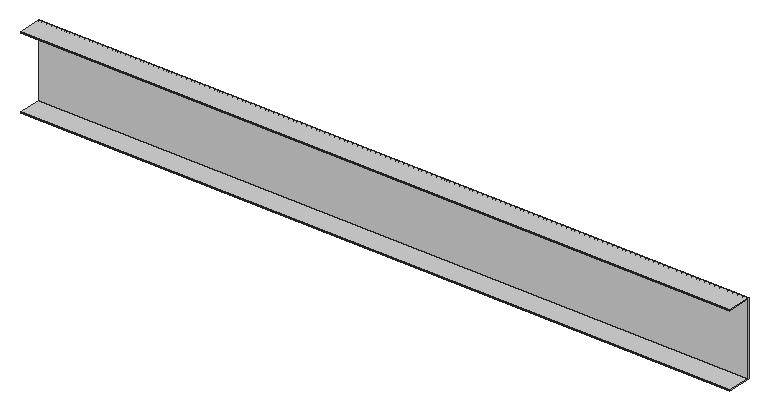
Revit family "BIMSF-SSMA-T-STRUCTURAL", category Structural Framing, Revit 2024
Family settings
  Section Shape = C Profile
  Material for Model Behavior = Steel
  Always export as geometry = No
  Always vertical = Yes
  Cut with Voids When Loaded = No
  Symbolic Representation = From Project Settings
  Shared = No
  Show family pre-cut in plan views = Yes
Parameters (values of type "Default")
  tf1 = 0' - 0"
  tf = 0' - 0 1/16"
  r = 0' - 0"
  Weight = 0.00 lbf/ft
  Vy = 0.00 lbf
  Sx = 0.00 in³
  Structural Material [instance] = Metal - Steel - ASTM A992
  Short Tag = ""
  Reported Length [instance] = 5' - 0"
  Mx = 0.00 kip-ft
  Model = "V3"
  Long Tag = ""
  Iy = 0.00 in⁴
  Ix = 0.00 in⁴
  Fy = 0.00 ksi
  Description = "TrussDesignerProfile"
  Area = 0.00 in²
  Assembly Code = "B10"
  Length [instance] = 5' - 0"
  bf = 0' - 2"
  d = 0' - 6"
  temp_tf = if(tf < 0' 0 1/32", 0' 0 1/32", tf)  # 0' - 0 1/16"
Reference planes (in)
  plane 1 "Center (Front/Back)": y = 0
  plane 2: z = 0
  plane 3 "Center (Left/Right)": x = 0.1815
  plane 4 "Top": z = 3.0625
  plane 5: z = -3.0625
  plane 6 "Left": x = -29.8185
  plane 7 "Right": x = 30.1815
  plane 8: y = -1
  plane 9: y = 1
  plane 10: y = 0.9375
  plane 11: z = 3
  plane 12: z = -3
Forms (in)
  Extrusion 1, solid, material "Metal - Steel - ASTM A992" <- "Structural Material", detail levels medium+fine
    sketch origin (-29.8185, 0.02734, 0.16016) x (0, -1, 0) y (0, 0, 1)
      loop
        line (1.02734, 2.90234) -> (-0.97266, 2.90234) -> (-0.97266, -3.22266) -> (1.02734, -3.22266) -> (1.02734, -3.16016) -> (-0.91016, -3.16016) -> (-0.91016, 2.83984) -> (1.02734, 2.83984) -> (1.02734, 2.90234)
    from -60 to 0
Lines and regions (in)
  model lines, style "BIMSF.Framing", not visible, detail levels coarse
    curve 1: line (-29.8185, 0, 0) -> (30.1815, 0, 0)
Dimensions and locks (in)
  "d": plane 12 to plane 11
  equal spacing: plane 5, plane 2, plane 4 "Top"
  "Length": plane 6 "Left" to plane 7 "Right"
  "bf": plane 9 to plane 8
  equal spacing: plane 9, plane 1 "Center (Front/Back)", plane 8
  "temp_tf": plane 4 "Top" to plane 11
  "temp_tf": plane 12 to plane 5
  "temp_tf": plane 9 to plane 10
  "Reported Length": Extrusion 1 to Extrusion 1
  aligned and locked: Extrusion 1 sketch curve to plane 4 "Top"
  aligned and locked: plane 8 to Extrusion 1 sketch curve  (x2)
  aligned and locked: Extrusion 1 sketch curve to plane 11
  aligned and locked: plane 10 to Extrusion 1 sketch curve
  aligned and locked: plane 12 to Extrusion 1 sketch curve
  aligned and locked: plane 5 to Extrusion 1 sketch curve
  aligned and locked: Extrusion 1 sketch curve to plane 9
  aligned and locked: plane 2 to level
  aligned and locked: Extrusion 1 to plane 7 "Right"
  aligned and locked: plane 6 "Left" to Extrusion 1
  aligned and locked: plane 1 "Center (Front/Back)" to curve 1
  aligned and locked: plane 6 "Left" to curve 1
  aligned and locked: plane 7 "Right" to curve 1
Types in the file's own list only (197): name | tf1 | tf | Weight | Vy | Sx | Mx | Iy | Ix | Fy | Area | bf | d | temp_tf
  162T125-27(33) | 0' - 0" | 0' - 0" | 0.40 lbf/ft | 541.00 lb | 0.04 in³ | 0.07 kip-ft | 0.02 in⁴ | 0.05 in⁴ | 33.00 ksi | 0.12 in² | 0' - 1 1/4" | 0' - 1 5/8" | 0' - 0 1/16"
  162T125-30(33) | 0' - 0" | 0' - 0" | 0.44 lbf/ft | 597.00 lb | 0.05 in³ | 0.08 kip-ft | 0.02 in⁴ | 0.06 in⁴ | 33.00 ksi | 0.13 in² | 0' - 1 1/4" | 0' - 1 5/8" | 0' - 0 1/16"
  162T125-33(33) | 0' - 0 1/16" | 0' - 0 1/16" | 0.49 lbf/ft | 663.00 lb | 0.06 in³ | 0.10 kip-ft | 0.02 in⁴ | 0.07 in⁴ | 33.00 ksi | 0.14 in² | 0' - 1 1/4" | 0' - 1 5/8" | 0' - 0 1/16"
  250T125-27(33) | 0' - 0" | 0' - 0" | 0.48 lbf/ft | 685.00 lb | 0.08 in³ | 0.14 kip-ft | 0.02 in⁴ | 0.13 in⁴ | 33.00 ksi | 0.14 in² | 0' - 1 1/4" | 0' - 2 1/2" | 0' - 0 1/16"
  250T125-30(33) | 0' - 0" | 0' - 0" | 0.53 lbf/ft | 832.00 lb | 0.09 in³ | 0.15 kip-ft | 0.03 in⁴ | 0.15 in⁴ | 33.00 ksi | 0.16 in² | 0' - 1 1/4" | 0' - 2 1/2" | 0' - 0 1/16"
  250T125-33(33) | 0' - 0 1/16" | 0' - 0 1/16" | 0.59 lbf/ft | 1024.00 lb | 0.10 in³ | 0.17 kip-ft | 0.03 in⁴ | 0.17 in⁴ | 33.00 ksi | 0.17 in² | 0' - 1 1/4" | 0' - 2 1/2" | 0' - 0 1/16"
  250T125-43(33) | 0' - 0 1/16" | 0' - 0 1/16" | 0.77 lbf/ft | 1356.00 lb | 0.15 in³ | 0.24 kip-ft | 0.04 in⁴ | 0.23 in⁴ | 33.00 ksi | 0.23 in² | 0' - 1 1/4" | 0' - 2 1/2" | 0' - 0 1/16"
  250T125-54(50) | 0' - 0 1/16" | 0' - 0 1/16" | 0.96 lbf/ft | 2563.00 lb | 0.19 in³ | 0.47 kip-ft | 0.04 in⁴ | 0.30 in⁴ | 50.00 ksi | 0.28 in² | 0' - 1 1/4" | 0' - 2 1/2" | 0' - 0 1/16"
  250T125-68(50) | 0' - 0 1/16" | 0' - 0 1/16" | 1.21 lbf/ft | 3199.00 lb | 0.26 in³ | 0.65 kip-ft | 0.05 in⁴ | 0.40 in⁴ | 50.00 ksi | 0.36 in² | 0' - 1 1/4" | 0' - 2 1/2" | 0' - 0 1/16"
  250T150-27(33) | 0' - 0" | 0' - 0" | 0.53 lbf/ft | 685.00 lb | 0.08 in³ | 0.13 kip-ft | 0.04 in⁴ | 0.14 in⁴ | 33.00 ksi | 0.16 in² | 0' - 1 1/2" | 0' - 2 1/2" | 0' - 0 1/16"
  250T150-30(33) | 0' - 0" | 0' - 0" | 0.58 lbf/ft | 832.00 lb | 0.09 in³ | 0.15 kip-ft | 0.04 in⁴ | 0.16 in⁴ | 33.00 ksi | 0.17 in² | 0' - 1 1/2" | 0' - 2 1/2" | 0' - 0 1/16"
  250T150-33(33) | 0' - 0 1/16" | 0' - 0 1/16" | 0.65 lbf/ft | 1024.00 lb | 0.11 in³ | 0.18 kip-ft | 0.05 in⁴ | 0.18 in⁴ | 33.00 ksi | 0.19 in² | 0' - 1 1/2" | 0' - 2 1/2" | 0' - 0 1/16"
  250T150-43(33) | 0' - 0 1/16" | 0' - 0 1/16" | 0.84 lbf/ft | 1356.00 lb | 0.15 in³ | 0.25 kip-ft | 0.06 in⁴ | 0.25 in⁴ | 33.00 ksi | 0.25 in² | 0' - 1 1/2" | 0' - 2 1/2" | 0' - 0 1/16"
  250T150-54(33) | 0' - 0 1/16" | 0' - 0 1/16" | 1.06 lbf/ft | 1692.00 lb | 0.21 in³ | 0.35 kip-ft | 0.07 in⁴ | 0.34 in⁴ | 33.00 ksi | 0.31 in² | 0' - 1 1/2" | 0' - 2 1/2" | 0' - 0 1/16"
  250T150-54(50) | 0' - 0 1/16" | 0' - 0 1/16" | 1.06 lbf/ft | 2563.00 lb | 0.20 in³ | 0.49 kip-ft | 0.07 in⁴ | 0.33 in⁴ | 50.00 ksi | 0.31 in² | 0' - 1 1/2" | 0' - 2 1/2" | 0' - 0 1/16"
  250T150-68(33) | 0' - 0 1/16" | 0' - 0 1/16" | 1.33 lbf/ft | 2111.00 lb | 0.30 in³ | 0.49 kip-ft | 0.09 in⁴ | 0.47 in⁴ | 33.00 ksi | 0.39 in² | 0' - 1 1/2" | 0' - 2 1/2" | 0' - 0 1/16"
  250T150-68(50) | 0' - 0 1/16" | 0' - 0 1/16" | 1.33 lbf/ft | 3199.00 lb | 0.28 in³ | 0.69 kip-ft | 0.09 in⁴ | 0.46 in⁴ | 50.00 ksi | 0.39 in² | 0' - 1 1/2" | 0' - 2 1/2" | 0' - 0 1/16"
  250T200-33(33) | 0' - 0 1/16" | 0' - 0 1/16" | 0.76 lbf/ft | 1024.00 lb | 0.11 in³ | 0.19 kip-ft | 0.10 in⁴ | 0.20 in⁴ | 33.00 ksi | 0.23 in² | 0' - 2" | 0' - 2 1/2" | 0' - 0 1/16"
  250T200-43(33) | 0' - 0 1/16" | 0' - 0 1/16" | 1.00 lbf/ft | 1356.00 lb | 0.16 in³ | 0.27 kip-ft | 0.13 in⁴ | 0.29 in⁴ | 33.00 ksi | 0.29 in² | 0' - 2" | 0' - 2 1/2" | 0' - 0 1/16"
  250T200-54(33) | 0' - 0 1/16" | 0' - 0 1/16" | 1.25 lbf/ft | 1692.00 lb | 0.23 in³ | 0.38 kip-ft | 0.16 in⁴ | 0.40 in⁴ | 33.00 ksi | 0.37 in² | 0' - 2" | 0' - 2 1/2" | 0' - 0 1/16"
  250T200-54(50) | 0' - 0 1/16" | 0' - 0 1/16" | 1.25 lbf/ft | 2563.00 lb | 0.21 in³ | 0.52 kip-ft | 0.16 in⁴ | 0.37 in⁴ | 50.00 ksi | 0.37 in² | 0' - 2" | 0' - 2 1/2" | 0' - 0 1/16"
  250T200-68(33) | 0' - 0 1/16" | 0' - 0 1/16" | 1.57 lbf/ft | 2111.00 lb | 0.32 in³ | 0.53 kip-ft | 0.20 in⁴ | 0.55 in⁴ | 33.00 ksi | 0.46 in² | 0' - 2" | 0' - 2 1/2" | 0' - 0 1/16"
  250T200-68(50) | 0' - 0 1/16" | 0' - 0 1/16" | 1.57 lbf/ft | 3199.00 lb | 0.30 in³ | 0.74 kip-ft | 0.20 in⁴ | 0.52 in⁴ | 50.00 ksi | 0.46 in² | 0' - 2" | 0' - 2 1/2" | 0' - 0 1/16"
  350T125-18(33) | 0' - 0" | 0' - 0" | 0.38 lbf/ft | 175.00 lb | 0.06 in³ | 0.10 kip-ft | 0.02 in⁴ | 0.17 in⁴ | 33.00 ksi | 0.11 in² | 0' - 1 1/4" | 0' - 3 1/2" | 0' - 0 1/16"
  350T125-27(33) | 0' - 0" | 0' - 0" | 0.58 lbf/ft | 590.00 lb | 0.13 in³ | 0.21 kip-ft | 0.03 in⁴ | 0.28 in⁴ | 33.00 ksi | 0.17 in² | 0' - 1 1/4" | 0' - 3 1/2" | 0' - 0 1/16"
  350T125-30(33) | 0' - 0" | 0' - 0" | 0.64 lbf/ft | 790.00 lb | 0.15 in³ | 0.24 kip-ft | 0.03 in⁴ | 0.31 in⁴ | 33.00 ksi | 0.19 in² | 0' - 1 1/4" | 0' - 3 1/2" | 0' - 0 1/16"
  350T125-33(33) | 0' - 0 1/16" | 0' - 0 1/16" | 0.71 lbf/ft | 1024.00 lb | 0.17 in³ | 0.27 kip-ft | 0.03 in⁴ | 0.35 in⁴ | 33.00 ksi | 0.21 in² | 0' - 1 1/4" | 0' - 3 1/2" | 0' - 0 1/16"
  350T125-43(33) | 0' - 0 1/16" | 0' - 0 1/16" | 0.92 lbf/ft | 1739.00 lb | 0.23 in³ | 0.38 kip-ft | 0.04 in⁴ | 0.49 in⁴ | 33.00 ksi | 0.27 in² | 0' - 1 1/4" | 0' - 3 1/2" | 0' - 0 1/16"
  350T125-54(33) | 0' - 0 1/16" | 0' - 0 1/16" | 1.15 lbf/ft | 2392.00 lb | 0.32 in³ | 0.52 kip-ft | 0.05 in⁴ | 0.65 in⁴ | 33.00 ksi | 0.34 in² | 0' - 1 1/4" | 0' - 3 1/2" | 0' - 0 1/16"
  350T125-54(50) | 0' - 0 1/16" | 0' - 0 1/16" | 1.15 lbf/ft | 3372.00 lb | 0.30 in³ | 0.74 kip-ft | 0.05 in⁴ | 0.63 in⁴ | 50.00 ksi | 0.34 in² | 0' - 1 1/4" | 0' - 3 1/2" | 0' - 0 1/16"
  350T125-68(33) | 0' - 0 1/16" | 0' - 0 1/16" | 1.45 lbf/ft | 2994.00 lb | 0.41 in³ | 0.71 kip-ft | 0.06 in⁴ | 0.84 in⁴ | 33.00 ksi | 0.43 in² | 0' - 1 1/4" | 0' - 3 1/2" | 0' - 0 1/16"
  350T125-68(50) | 0' - 0 1/16" | 0' - 0 1/16" | 1.45 lbf/ft | 4536.00 lb | 0.43 in³ | 1.02 kip-ft | 0.06 in⁴ | 0.85 in⁴ | 50.00 ksi | 0.43 in² | 0' - 1 1/4" | 0' - 3 1/2" | 0' - 0 1/16"
  350T150-27(33) | 0' - 0" | 0' - 0" | 0.63 lbf/ft | 590.00 lb | 0.13 in³ | 0.22 kip-ft | 0.04 in⁴ | 0.30 in⁴ | 33.00 ksi | 0.18 in² | 0' - 1 1/2" | 0' - 3 1/2" | 0' - 0 1/16"
  350T150-30(33) | 0' - 0" | 0' - 0" | 0.69 lbf/ft | 790.00 lb | 0.15 in³ | 0.25 kip-ft | 0.05 in⁴ | 0.34 in⁴ | 33.00 ksi | 0.20 in² | 0' - 1 1/2" | 0' - 3 1/2" | 0' - 0 1/16"
  350T150-33(33) | 0' - 0 1/16" | 0' - 0 1/16" | 0.76 lbf/ft | 1024.00 lb | 0.17 in³ | 0.28 kip-ft | 0.05 in⁴ | 0.38 in⁴ | 33.00 ksi | 0.23 in² | 0' - 1 1/2" | 0' - 3 1/2" | 0' - 0 1/16"
  350T150-43(33) | 0' - 0 1/16" | 0' - 0 1/16" | 1.00 lbf/ft | 1739.00 lb | 0.24 in³ | 0.40 kip-ft | 0.06 in⁴ | 0.53 in⁴ | 33.00 ksi | 0.29 in² | 0' - 1 1/2" | 0' - 3 1/2" | 0' - 0 1/16"
  350T150-54(33) | 0' - 0 1/16" | 0' - 0 1/16" | 1.25 lbf/ft | 2392.00 lb | 0.33 in³ | 0.55 kip-ft | 0.08 in⁴ | 0.71 in⁴ | 33.00 ksi | 0.37 in² | 0' - 1 1/2" | 0' - 3 1/2" | 0' - 0 1/16"
  350T150-54(50) | 0' - 0 1/16" | 0' - 0 1/16" | 1.25 lbf/ft | 3372.00 lb | 0.31 in³ | 0.77 kip-ft | 0.08 in⁴ | 0.68 in⁴ | 50.00 ksi | 0.37 in² | 0' - 1 1/2" | 0' - 3 1/2" | 0' - 0 1/16"
  350T150-68(33) | 0' - 0 1/16" | 0' - 0 1/16" | 1.57 lbf/ft | 2994.00 lb | 0.43 in³ | 0.76 kip-ft | 0.10 in⁴ | 0.92 in⁴ | 33.00 ksi | 0.46 in² | 0' - 1 1/2" | 0' - 3 1/2" | 0' - 0 1/16"
  350T150-68(50) | 0' - 0 1/16" | 0' - 0 1/16" | 1.57 lbf/ft | 4536.00 lb | 0.46 in³ | 1.07 kip-ft | 0.10 in⁴ | 0.96 in⁴ | 50.00 ksi | 0.46 in² | 0' - 1 1/2" | 0' - 3 1/2" | 0' - 0 1/16"
  350T200-33(33) | 0' - 0 1/16" | 0' - 0 1/16" | 0.88 lbf/ft | 1024.00 lb | 0.18 in³ | 0.30 kip-ft | 0.11 in⁴ | 0.43 in⁴ | 33.00 ksi | 0.26 in² | 0' - 2" | 0' - 3 1/2" | 0' - 0 1/16"
  350T200-43(33) | 0' - 0 1/16" | 0' - 0 1/16" | 1.15 lbf/ft | 1739.00 lb | 0.26 in³ | 0.42 kip-ft | 0.14 in⁴ | 0.60 in⁴ | 33.00 ksi | 0.34 in² | 0' - 2" | 0' - 3 1/2" | 0' - 0 1/16"
  350T200-54(33) | 0' - 0 1/16" | 0' - 0 1/16" | 1.44 lbf/ft | 2392.00 lb | 0.36 in³ | 0.58 kip-ft | 0.18 in⁴ | 0.81 in⁴ | 33.00 ksi | 0.42 in² | 0' - 2" | 0' - 3 1/2" | 0' - 0 1/16"
  350T200-54(50) | 0' - 0 1/16" | 0' - 0 1/16" | 1.44 lbf/ft | 3372.00 lb | 0.33 in³ | 0.82 kip-ft | 0.18 in⁴ | 0.77 in⁴ | 50.00 ksi | 0.42 in² | 0' - 2" | 0' - 3 1/2" | 0' - 0 1/16"
  350T200-68(33) | 0' - 0 1/16" | 0' - 0 1/16" | 1.82 lbf/ft | 2994.00 lb | 0.50 in³ | 0.82 kip-ft | 0.22 in⁴ | 1.11 in⁴ | 33.00 ksi | 0.53 in² | 0' - 2" | 0' - 3 1/2" | 0' - 0 1/16"
  350T200-68(50) | 0' - 0 1/16" | 0' - 0 1/16" | 1.82 lbf/ft | 4536.00 lb | 0.46 in³ | 1.14 kip-ft | 0.22 in⁴ | 1.05 in⁴ | 50.00 ksi | 0.53 in² | 0' - 2" | 0' - 3 1/2" | 0' - 0 1/16"
  362T125-18(33) | 0' - 0" | 0' - 0" | 0.39 lbf/ft | 169.00 lb | 0.07 in³ | 0.11 kip-ft | 0.02 in⁴ | 0.19 in⁴ | 33.00 ksi | 0.12 in² | 0' - 1 1/4" | 0' - 3 5/8" | 0' - 0 1/16"
  362T125-27(33) | 0' - 0" | 0' - 0" | 0.59 lbf/ft | 569.00 lb | 0.14 in³ | 0.22 kip-ft | 0.03 in⁴ | 0.30 in⁴ | 33.00 ksi | 0.17 in² | 0' - 1 1/4" | 0' - 3 5/8" | 0' - 0 1/16"
  362T125-30(33) | 0' - 0" | 0' - 0" | 0.65 lbf/ft | 762.00 lb | 0.15 in³ | 0.25 kip-ft | 0.03 in⁴ | 0.34 in⁴ | 33.00 ksi | 0.19 in² | 0' - 1 1/4" | 0' - 3 5/8" | 0' - 0 1/16"
  362T125-33(33) | 0' - 0 1/16" | 0' - 0 1/16" | 0.72 lbf/ft | 1024.00 lb | 0.17 in³ | 0.29 kip-ft | 0.03 in⁴ | 0.38 in⁴ | 33.00 ksi | 0.21 in² | 0' - 1 1/4" | 0' - 3 5/8" | 0' - 0 1/16"
  362T125-43(33) | 0' - 0 1/16" | 0' - 0 1/16" | 0.94 lbf/ft | 1739.00 lb | 0.25 in³ | 0.40 kip-ft | 0.04 in⁴ | 0.53 in⁴ | 33.00 ksi | 0.28 in² | 0' - 1 1/4" | 0' - 3 5/8" | 0' - 0 1/16"
  362T125-54(33) | 0' - 0 1/16" | 0' - 0 1/16" | 1.18 lbf/ft | 2480.00 lb | 0.33 in³ | 0.55 kip-ft | 0.05 in⁴ | 0.71 in⁴ | 33.00 ksi | 0.35 in² | 0' - 1 1/4" | 0' - 3 5/8" | 0' - 0 1/16"
  362T125-54(50) | 0' - 0 1/16" | 0' - 0 1/16" | 1.18 lbf/ft | 3372.00 lb | 0.31 in³ | 0.78 kip-ft | 0.05 in⁴ | 0.68 in⁴ | 50.00 ksi | 0.35 in² | 0' - 1 1/4" | 0' - 3 5/8" | 0' - 0 1/16"
  362T125-68(33) | 0' - 0 1/16" | 0' - 0 1/16" | 1.48 lbf/ft | 3104.00 lb | 0.45 in³ | 0.75 kip-ft | 0.06 in⁴ | 0.92 in⁴ | 33.00 ksi | 0.44 in² | 0' - 1 1/4" | 0' - 3 5/8" | 0' - 0 1/16"
  362T125-68(50) | 0' - 0 1/16" | 0' - 0 1/16" | 1.48 lbf/ft | 4703.00 lb | 0.43 in³ | 1.07 kip-ft | 0.06 in⁴ | 0.91 in⁴ | 50.00 ksi | 0.44 in² | 0' - 1 1/4" | 0' - 3 5/8" | 0' - 0 1/16"
  362T150-27(33) | 0' - 0" | 0' - 0" | 0.64 lbf/ft | 569.00 lb | 0.14 in³ | 0.23 kip-ft | 0.04 in⁴ | 0.32 in⁴ | 33.00 ksi | 0.19 in² | 0' - 1 1/2" | 0' - 3 5/8" | 0' - 0 1/16"
  362T150-30(33) | 0' - 0" | 0' - 0" | 0.70 lbf/ft | 762.00 lb | 0.16 in³ | 0.26 kip-ft | 0.05 in⁴ | 0.36 in⁴ | 33.00 ksi | 0.21 in² | 0' - 1 1/2" | 0' - 3 5/8" | 0' - 0 1/16"
  362T150-33(33) | 0' - 0 1/16" | 0' - 0 1/16" | 0.78 lbf/ft | 1024.00 lb | 0.18 in³ | 0.30 kip-ft | 0.05 in⁴ | 0.41 in⁴ | 33.00 ksi | 0.23 in² | 0' - 1 1/2" | 0' - 3 5/8" | 0' - 0 1/16"
  362T150-43(33) | 0' - 0 1/16" | 0' - 0 1/16" | 1.02 lbf/ft | 1739.00 lb | 0.26 in³ | 0.42 kip-ft | 0.06 in⁴ | 0.57 in⁴ | 33.00 ksi | 0.30 in² | 0' - 1 1/2" | 0' - 3 5/8" | 0' - 0 1/16"
  362T150-54(33) | 0' - 0 1/16" | 0' - 0 1/16" | 1.27 lbf/ft | 2480.00 lb | 0.35 in³ | 0.57 kip-ft | 0.08 in⁴ | 0.77 in⁴ | 33.00 ksi | 0.37 in² | 0' - 1 1/2" | 0' - 3 5/8" | 0' - 0 1/16"
  362T150-54(50) | 0' - 0 1/16" | 0' - 0 1/16" | 1.27 lbf/ft | 3372.00 lb | 0.33 in³ | 0.81 kip-ft | 0.08 in⁴ | 0.74 in⁴ | 50.00 ksi | 0.37 in² | 0' - 1 1/2" | 0' - 3 5/8" | 0' - 0 1/16"
  362T150-68(33) | 0' - 0 1/16" | 0' - 0 1/16" | 1.60 lbf/ft | 3104.00 lb | 0.48 in³ | 0.79 kip-ft | 0.10 in⁴ | 1.03 in⁴ | 33.00 ksi | 0.47 in² | 0' - 1 1/2" | 0' - 3 5/8" | 0' - 0 1/16"
  362T150-68(50) | 0' - 0 1/16" | 0' - 0 1/16" | 1.60 lbf/ft | 4703.00 lb | 0.45 in³ | 1.12 kip-ft | 0.10 in⁴ | 0.99 in⁴ | 50.00 ksi | 0.47 in² | 0' - 1 1/2" | 0' - 3 5/8" | 0' - 0 1/16"
  362T200-33(33) | 0' - 0 1/16" | 0' - 0 1/16" | 0.90 lbf/ft | 1024.00 lb | 0.19 in³ | 0.31 kip-ft | 0.11 in⁴ | 0.46 in⁴ | 33.00 ksi | 0.26 in² | 0' - 2" | 0' - 3 5/8" | 0' - 0 1/16"
  362T200-43(33) | 0' - 0 1/16" | 0' - 0 1/16" | 1.17 lbf/ft | 1739.00 lb | 0.27 in³ | 0.45 kip-ft | 0.14 in⁴ | 0.65 in⁴ | 33.00 ksi | 0.34 in² | 0' - 2" | 0' - 3 5/8" | 0' - 0 1/16"
  362T200-54(33) | 0' - 0 1/16" | 0' - 0 1/16" | 1.47 lbf/ft | 2480.00 lb | 0.37 in³ | 0.61 kip-ft | 0.18 in⁴ | 0.88 in⁴ | 33.00 ksi | 0.43 in² | 0' - 2" | 0' - 3 5/8" | 0' - 0 1/16"
  362T200-54(50) | 0' - 0 1/16" | 0' - 0 1/16" | 1.47 lbf/ft | 3372.00 lb | 0.35 in³ | 0.86 kip-ft | 0.18 in⁴ | 0.83 in⁴ | 50.00 ksi | 0.43 in² | 0' - 2" | 0' - 3 5/8" | 0' - 0 1/16"
  362T200-68(33) | 0' - 0 1/16" | 0' - 0 1/16" | 1.85 lbf/ft | 3104.00 lb | 0.52 in³ | 0.86 kip-ft | 0.22 in⁴ | 1.20 in⁴ | 33.00 ksi | 0.54 in² | 0' - 2" | 0' - 3 5/8" | 0' - 0 1/16"
  362T200-68(50) | 0' - 0 1/16" | 0' - 0 1/16" | 1.85 lbf/ft | 4703.00 lb | 0.48 in³ | 1.20 kip-ft | 0.22 in⁴ | 1.14 in⁴ | 50.00 ksi | 0.54 in² | 0' - 2" | 0' - 3 5/8" | 0' - 0 1/16"
  400T125-18(33) | 0' - 0" | 0' - 0" | 0.41 lbf/ft | 153.00 lb | 0.07 in³ | 0.12 kip-ft | 0.02 in⁴ | 0.24 in⁴ | 33.00 ksi | 0.12 in² | 0' - 1 1/4" | 0' - 4" | 0' - 0 1/16"
  400T125-27(33) | 0' - 0" | 0' - 0" | 0.63 lbf/ft | 515.00 lb | 0.16 in³ | 0.26 kip-ft | 0.03 in⁴ | 0.38 in⁴ | 33.00 ksi | 0.18 in² | 0' - 1 1/4" | 0' - 4" | 0' - 0 1/16"
  400T125-30(33) | 0' - 0" | 0' - 0" | 0.69 lbf/ft | 689.00 lb | 0.18 in³ | 0.29 kip-ft | 0.03 in⁴ | 0.43 in⁴ | 33.00 ksi | 0.20 in² | 0' - 1 1/4" | 0' - 4" | 0' - 0 1/16"
  400T125-33(33) | 0' - 0 1/16" | 0' - 0 1/16" | 0.76 lbf/ft | 940.00 lb | 0.20 in³ | 0.33 kip-ft | 0.03 in⁴ | 0.48 in⁴ | 33.00 ksi | 0.23 in² | 0' - 1 1/4" | 0' - 4" | 0' - 0 1/16"
  400T125-43(33) | 0' - 0 1/16" | 0' - 0 1/16" | 1.00 lbf/ft | 1739.00 lb | 0.28 in³ | 0.46 kip-ft | 0.04 in⁴ | 0.67 in⁴ | 33.00 ksi | 0.29 in² | 0' - 1 1/4" | 0' - 4" | 0' - 0 1/16"
  400T125-54(33) | 0' - 0 1/16" | 0' - 0 1/16" | 1.25 lbf/ft | 2739.00 lb | 0.38 in³ | 0.63 kip-ft | 0.05 in⁴ | 0.88 in⁴ | 33.00 ksi | 0.37 in² | 0' - 1 1/4" | 0' - 4" | 0' - 0 1/16"
  400T125-54(50) | 0' - 0 1/16" | 0' - 0 1/16" | 1.25 lbf/ft | 3372.00 lb | 0.36 in³ | 0.90 kip-ft | 0.05 in⁴ | 0.85 in⁴ | 50.00 ksi | 0.37 in² | 0' - 1 1/4" | 0' - 4" | 0' - 0 1/16"
  400T125-68(33) | 0' - 0 1/16" | 0' - 0 1/16" | 1.57 lbf/ft | 3435.00 lb | 0.52 in³ | 0.85 kip-ft | 0.06 in⁴ | 1.15 in⁴ | 33.00 ksi | 0.46 in² | 0' - 1 1/4" | 0' - 4" | 0' - 0 1/16"
  400T125-68(50) | 0' - 0 1/16" | 0' - 0 1/16" | 1.57 lbf/ft | 5205.00 lb | 0.49 in³ | 1.22 kip-ft | 0.06 in⁴ | 1.13 in⁴ | 50.00 ksi | 0.46 in² | 0' - 1 1/4" | 0' - 4" | 0' - 0 1/16"
  400T150-27(33) | 0' - 0" | 0' - 0" | 0.67 lbf/ft | 515.00 lb | 0.15 in³ | 0.25 kip-ft | 0.04 in⁴ | 0.41 in⁴ | 33.00 ksi | 0.20 in² | 0' - 1 1/2" | 0' - 4" | 0' - 0 1/16"
  400T150-30(33) | 0' - 0" | 0' - 0" | 0.74 lbf/ft | 689.00 lb | 0.18 in³ | 0.30 kip-ft | 0.05 in⁴ | 0.46 in⁴ | 33.00 ksi | 0.22 in² | 0' - 1 1/2" | 0' - 4" | 0' - 0 1/16"
  400T150-33(33) | 0' - 0 1/16" | 0' - 0 1/16" | 0.82 lbf/ft | 940.00 lb | 0.21 in³ | 0.34 kip-ft | 0.05 in⁴ | 0.52 in⁴ | 33.00 ksi | 0.24 in² | 0' - 1 1/2" | 0' - 4" | 0' - 0 1/16"
  400T150-43(33) | 0' - 0 1/16" | 0' - 0 1/16" | 1.07 lbf/ft | 1739.00 lb | 0.29 in³ | 0.48 kip-ft | 0.07 in⁴ | 0.72 in⁴ | 33.00 ksi | 0.32 in² | 0' - 1 1/2" | 0' - 4" | 0' - 0 1/16"
  400T150-54(33) | 0' - 0 1/16" | 0' - 0 1/16" | 1.35 lbf/ft | 2739.00 lb | 0.40 in³ | 0.66 kip-ft | 0.08 in⁴ | 0.96 in⁴ | 33.00 ksi | 0.40 in² | 0' - 1 1/2" | 0' - 4" | 0' - 0 1/16"
  400T150-54(50) | 0' - 0 1/16" | 0' - 0 1/16" | 1.35 lbf/ft | 3372.00 lb | 0.37 in³ | 0.93 kip-ft | 0.08 in⁴ | 0.92 in⁴ | 50.00 ksi | 0.40 in² | 0' - 1 1/2" | 0' - 4" | 0' - 0 1/16"
  400T150-68(33) | 0' - 0 1/16" | 0' - 0 1/16" | 1.69 lbf/ft | 3435.00 lb | 0.55 in³ | 0.90 kip-ft | 0.10 in⁴ | 1.29 in⁴ | 33.00 ksi | 0.50 in² | 0' - 1 1/2" | 0' - 4" | 0' - 0 1/16"
  400T150-68(50) | 0' - 0 1/16" | 0' - 0 1/16" | 1.69 lbf/ft | 5205.00 lb | 0.51 in³ | 1.28 kip-ft | 0.10 in⁴ | 1.24 in⁴ | 50.00 ksi | 0.50 in² | 0' - 1 1/2" | 0' - 4" | 0' - 0 1/16"
  400T200-33(33) | 0' - 0 1/16" | 0' - 0 1/16" | 0.94 lbf/ft | 940.00 lb | 0.22 in³ | 0.36 kip-ft | 0.11 in⁴ | 0.58 in⁴ | 33.00 ksi | 0.28 in² | 0' - 2" | 0' - 4" | 0' - 0 1/16"
  400T200-43(33) | 0' - 0 1/16" | 0' - 0 1/16" | 1.23 lbf/ft | 1739.00 lb | 0.31 in³ | 0.51 kip-ft | 0.15 in⁴ | 0.81 in⁴ | 33.00 ksi | 0.36 in² | 0' - 2" | 0' - 4" | 0' - 0 1/16"
  400T200-54(33) | 0' - 0 1/16" | 0' - 0 1/16" | 1.54 lbf/ft | 2739.00 lb | 0.43 in³ | 0.70 kip-ft | 0.18 in⁴ | 1.09 in⁴ | 33.00 ksi | 0.45 in² | 0' - 2" | 0' - 4" | 0' - 0 1/16"
  400T200-54(50) | 0' - 0 1/16" | 0' - 0 1/16" | 1.54 lbf/ft | 3372.00 lb | 0.40 in³ | 0.99 kip-ft | 0.18 in⁴ | 1.04 in⁴ | 50.00 ksi | 0.45 in² | 0' - 2" | 0' - 4" | 0' - 0 1/16"
  400T200-68(33) | 0' - 0 1/16" | 0' - 0 1/16" | 1.94 lbf/ft | 3435.00 lb | 0.59 in³ | 0.97 kip-ft | 0.23 in⁴ | 1.49 in⁴ | 33.00 ksi | 0.57 in² | 0' - 2" | 0' - 4" | 0' - 0 1/16"
  400T200-68(50) | 0' - 0 1/16" | 0' - 0 1/16" | 1.94 lbf/ft | 5205.00 lb | 0.55 in³ | 1.37 kip-ft | 0.23 in⁴ | 1.41 in⁴ | 50.00 ksi | 0.57 in² | 0' - 2" | 0' - 4" | 0' - 0 1/16"
  550T125-33(33) | 0' - 0 1/16" | 0' - 0 1/16" | 0.94 lbf/ft | 680.00 lb | 0.27 in³ | 0.44 kip-ft | 0.03 in⁴ | 1.03 in⁴ | 33.00 ksi | 0.28 in² | 0' - 1 1/4" | 0' - 5 1/2" | 0' - 0 1/16"
  550T125-43(33) | 0' - 0 1/16" | 0' - 0 1/16" | 1.23 lbf/ft | 1504.00 lb | 0.42 in³ | 0.69 kip-ft | 0.03 in⁴ | 1.43 in⁴ | 33.00 ksi | 0.36 in² | 0' - 1 1/4" | 0' - 5 1/2" | 0' - 0 1/16"
  550T125-54(33) | 0' - 0 1/16" | 0' - 0 1/16" | 1.54 lbf/ft | 2739.00 lb | 0.60 in³ | 0.98 kip-ft | 0.03 in⁴ | 1.86 in⁴ | 33.00 ksi | 0.45 in² | 0' - 1 1/4" | 0' - 5 1/2" | 0' - 0 1/16"
  550T125-54(50) | 0' - 0 1/16" | 0' - 0 1/16" | 1.54 lbf/ft | 2980.00 lb | 0.54 in³ | 1.33 kip-ft | 0.03 in⁴ | 1.81 in⁴ | 50.00 ksi | 0.45 in² | 0' - 1 1/4" | 0' - 5 1/2" | 0' - 0 1/16"
  550T125-68(33) | 0' - 0 1/16" | 0' - 0 1/16" | 1.94 lbf/ft | 4347.00 lb | 0.81 in³ | 1.33 kip-ft | 0.04 in⁴ | 2.41 in⁴ | 33.00 ksi | 0.57 in² | 0' - 1 1/4" | 0' - 5 1/2" | 0' - 0 1/16"
  550T125-68(50) | 0' - 0 1/16" | 0' - 0 1/16" | 1.94 lbf/ft | 5350.00 lb | 0.77 in³ | 1.92 kip-ft | 0.04 in⁴ | 2.38 in⁴ | 50.00 ksi | 0.57 in² | 0' - 1 1/4" | 0' - 5 1/2" | 0' - 0 1/16"
  550T150-33(33) | 0' - 0 1/16" | 0' - 0 1/16" | 1.00 lbf/ft | 680.00 lb | 0.31 in³ | 0.51 kip-ft | 0.05 in⁴ | 1.12 in⁴ | 33.00 ksi | 0.29 in² | 0' - 1 1/2" | 0' - 5 1/2" | 0' - 0 1/16"
  550T150-43(33) | 0' - 0 1/16" | 0' - 0 1/16" | 1.30 lbf/ft | 1504.00 lb | 0.47 in³ | 0.77 kip-ft | 0.07 in⁴ | 1.52 in⁴ | 33.00 ksi | 0.38 in² | 0' - 1 1/2" | 0' - 5 1/2" | 0' - 0 1/16"
  550T150-54(33) | 0' - 0 1/16" | 0' - 0 1/16" | 1.63 lbf/ft | 2739.00 lb | 0.63 in³ | 1.03 kip-ft | 0.07 in⁴ | 2.01 in⁴ | 33.00 ksi | 0.48 in² | 0' - 1 1/2" | 0' - 5 1/2" | 0' - 0 1/16"
  550T150-54(50) | 0' - 0 1/16" | 0' - 0 1/16" | 1.63 lbf/ft | 2980.00 lb | 0.60 in³ | 1.48 kip-ft | 0.07 in⁴ | 1.93 in⁴ | 50.00 ksi | 0.48 in² | 0' - 1 1/2" | 0' - 5 1/2" | 0' - 0 1/16"
  550T150-68(33) | 0' - 0 1/16" | 0' - 0 1/16" | 2.06 lbf/ft | 4347.00 lb | 0.85 in³ | 1.40 kip-ft | 0.09 in⁴ | 2.66 in⁴ | 33.00 ksi | 0.61 in² | 0' - 1 1/2" | 0' - 5 1/2" | 0' - 0 1/16"
  550T150-68(50) | 0' - 0 1/16" | 0' - 0 1/16" | 2.06 lbf/ft | 5350.00 lb | 0.80 in³ | 2.01 kip-ft | 0.09 in⁴ | 2.57 in⁴ | 50.00 ksi | 0.61 in² | 0' - 1 1/2" | 0' - 5 1/2" | 0' - 0 1/16"
  550T200-33(33) | 0' - 0 1/16" | 0' - 0 1/16" | 1.12 lbf/ft | 680.00 lb | 0.31 in³ | 0.51 kip-ft | 0.11 in⁴ | 1.25 in⁴ | 33.00 ksi | 0.33 in² | 0' - 2" | 0' - 5 1/2" | 0' - 0 1/16"
  550T200-43(33) | 0' - 0 1/16" | 0' - 0 1/16" | 1.46 lbf/ft | 1504.00 lb | 0.50 in³ | 0.82 kip-ft | 0.12 in⁴ | 1.69 in⁴ | 33.00 ksi | 0.43 in² | 0' - 2" | 0' - 5 1/2" | 0' - 0 1/16"
  550T200-54(33) | 0' - 0 1/16" | 0' - 0 1/16" | 1.83 lbf/ft | 2739.00 lb | 0.67 in³ | 1.10 kip-ft | 0.20 in⁴ | 2.25 in⁴ | 33.00 ksi | 0.54 in² | 0' - 2" | 0' - 5 1/2" | 0' - 0 1/16"
  550T200-54(50) | 0' - 0 1/16" | 0' - 0 1/16" | 1.83 lbf/ft | 2980.00 lb | 0.63 in³ | 1.57 kip-ft | 0.20 in⁴ | 2.15 in⁴ | 50.00 ksi | 0.54 in² | 0' - 2" | 0' - 5 1/2" | 0' - 0 1/16"
  550T200-68(33) | 0' - 0 1/16" | 0' - 0 1/16" | 2.30 lbf/ft | 4347.00 lb | 0.91 in³ | 1.51 kip-ft | 0.25 in⁴ | 3.03 in⁴ | 33.00 ksi | 0.68 in² | 0' - 2" | 0' - 5 1/2" | 0' - 0 1/16"
  550T200-68(50) | 0' - 0 1/16" | 0' - 0 1/16" | 2.30 lbf/ft | 5350.00 lb | 0.86 in³ | 2.14 kip-ft | 0.25 in⁴ | 2.89 in⁴ | 50.00 ksi | 0.68 in² | 0' - 2" | 0' - 5 1/2" | 0' - 0 1/16"
  600T125-33(33) | 0' - 0 1/16" | 0' - 0 1/16" | 1.00 lbf/ft | 622.00 lb | 0.30 in³ | 0.49 kip-ft | 0.03 in⁴ | 1.26 in⁴ | 33.00 ksi | 0.29 in² | 0' - 1 1/4" | 0' - 6" | 0' - 0 1/16"
  600T125-43(33) | 0' - 0 1/16" | 0' - 0 1/16" | 1.30 lbf/ft | 1377.00 lb | 0.46 in³ | 0.76 kip-ft | 0.03 in⁴ | 1.77 in⁴ | 33.00 ksi | 0.38 in² | 0' - 1 1/4" | 0' - 6" | 0' - 0 1/16"
  600T125-54(33) | 0' - 0 1/16" | 0' - 0 1/16" | 1.63 lbf/ft | 2728.00 lb | 0.69 in³ | 1.10 kip-ft | 0.03 in⁴ | 2.29 in⁴ | 33.00 ksi | 0.48 in² | 0' - 1 1/4" | 0' - 6" | 0' - 0 1/16"
  600T125-54(50) | 0' - 0 1/16" | 0' - 0 1/16" | 1.63 lbf/ft | 2728.00 lb | 0.59 in³ | 1.48 kip-ft | 0.03 in⁴ | 2.24 in⁴ | 50.00 ksi | 0.48 in² | 0' - 1 1/4" | 0' - 6" | 0' - 0 1/16"
  600T125-68(33) | 0' - 0 1/16" | 0' - 0 1/16" | 2.06 lbf/ft | 4347.00 lb | 0.92 in³ | 1.51 kip-ft | 0.04 in⁴ | 2.97 in⁴ | 33.00 ksi | 0.61 in² | 0' - 1 1/4" | 0' - 6" | 0' - 0 1/16"
  600T125-68(50) | 0' - 0 1/16" | 0' - 0 1/16" | 2.06 lbf/ft | 5350.00 lb | 0.86 in³ | 2.14 kip-ft | 0.04 in⁴ | 2.93 in⁴ | 50.00 ksi | 0.61 in² | 0' - 1 1/4" | 0' - 6" | 0' - 0 1/16"
  600T125-97(33) | 0' - 0 1/8" | 0' - 0 1/8" | 2.93 lbf/ft | 7359.00 lb | 1.35 in³ | 2.54 kip-ft | 0.05 in⁴ | 4.28 in⁴ | 33.00 ksi | 0.86 in² | 0' - 1 1/4" | 0' - 6" | 0' - 0 1/8"
  600T125-97(50) | 0' - 0 1/8" | 0' - 0 1/8" | 2.93 lbf/ft | 10885.00 lb | 1.35 in³ | 3.36 kip-ft | 0.05 in⁴ | 4.28 in⁴ | 50.00 ksi | 0.86 in² | 0' - 1 1/4" | 0' - 6" | 0' - 0 1/8"
  600T150-33(33) | 0' - 0 1/16" | 0' - 0 1/16" | 1.06 lbf/ft | 622.00 lb | 0.30 in³ | 0.50 kip-ft | 0.07 in⁴ | 1.33 in⁴ | 33.00 ksi | 0.31 in² | 0' - 1 1/2" | 0' - 6" | 0' - 0 1/16"
  600T150-43(33) | 0' - 0 1/16" | 0' - 0 1/16" | 1.38 lbf/ft | 1377.00 lb | 0.47 in³ | 0.78 kip-ft | 0.09 in⁴ | 1.89 in⁴ | 33.00 ksi | 0.41 in² | 0' - 1 1/2" | 0' - 6" | 0' - 0 1/16"
  600T150-54(33) | 0' - 0 1/16" | 0' - 0 1/16" | 1.73 lbf/ft | 2728.00 lb | 0.71 in³ | 1.14 kip-ft | 0.09 in⁴ | 2.46 in⁴ | 33.00 ksi | 0.51 in² | 0' - 1 1/2" | 0' - 6" | 0' - 0 1/16"
  600T150-54(50) | 0' - 0 1/16" | 0' - 0 1/16" | 1.73 lbf/ft | 2728.00 lb | 0.61 in³ | 1.52 kip-ft | 0.09 in⁴ | 2.40 in⁴ | 50.00 ksi | 0.51 in² | 0' - 1 1/2" | 0' - 6" | 0' - 0 1/16"
  600T150-68(33) | 0' - 0 1/16" | 0' - 0 1/16" | 2.18 lbf/ft | 4347.00 lb | 0.96 in³ | 1.59 kip-ft | 0.11 in⁴ | 3.26 in⁴ | 33.00 ksi | 0.64 in² | 0' - 1 1/2" | 0' - 6" | 0' - 0 1/16"
  600T150-68(50) | 0' - 0 1/16" | 0' - 0 1/16" | 2.18 lbf/ft | 5350.00 lb | 0.89 in³ | 2.22 kip-ft | 0.11 in⁴ | 3.16 in⁴ | 50.00 ksi | 0.64 in² | 0' - 1 1/2" | 0' - 6" | 0' - 0 1/16"
  600T150-97(33) | 0' - 0 1/8" | 0' - 0 1/8" | 3.11 lbf/ft | 7359.00 lb | 1.50 in³ | 2.48 kip-ft | 0.16 in⁴ | 4.78 in⁴ | 33.00 ksi | 0.91 in² | 0' - 1 1/2" | 0' - 6" | 0' - 0 1/8"
  600T150-97(50) | 0' - 0 1/8" | 0' - 0 1/8" | 3.11 lbf/ft | 10885.00 lb | 1.44 in³ | 3.60 kip-ft | 0.16 in⁴ | 4.78 in⁴ | 50.00 ksi | 0.91 in² | 0' - 1 1/2" | 0' - 6" | 0' - 0 1/8"
  600T200-33(33) | 0' - 0 1/16" | 0' - 0 1/16" | 1.18 lbf/ft | 622.00 lb | 0.33 in³ | 0.55 kip-ft | 0.13 in⁴ | 1.54 in⁴ | 33.00 ksi | 0.35 in² | 0' - 2" | 0' - 6" | 0' - 0 1/16"
  600T200-43(33) | 0' - 0 1/16" | 0' - 0 1/16" | 1.53 lbf/ft | 1377.00 lb | 0.57 in³ | 0.93 kip-ft | 0.16 in⁴ | 2.08 in⁴ | 33.00 ksi | 0.45 in² | 0' - 2" | 0' - 6" | 0' - 0 1/16"
  600T200-54(33) | 0' - 0 1/16" | 0' - 0 1/16" | 1.92 lbf/ft | 2728.00 lb | 0.76 in³ | 1.25 kip-ft | 0.20 in⁴ | 2.76 in⁴ | 33.00 ksi | 0.57 in² | 0' - 2" | 0' - 6" | 0' - 0 1/16"
  600T200-54(50) | 0' - 0 1/16" | 0' - 0 1/16" | 1.92 lbf/ft | 2728.00 lb | 0.72 in³ | 1.79 kip-ft | 0.20 in⁴ | 2.64 in⁴ | 50.00 ksi | 0.57 in² | 0' - 2" | 0' - 6" | 0' - 0 1/16"
  600T200-68(33) | 0' - 0 1/16" | 0' - 0 1/16" | 2.42 lbf/ft | 4347.00 lb | 1.03 in³ | 1.70 kip-ft | 0.25 in⁴ | 3.70 in⁴ | 33.00 ksi | 0.71 in² | 0' - 2" | 0' - 6" | 0' - 0 1/16"
  600T200-68(50) | 0' - 0 1/16" | 0' - 0 1/16" | 2.42 lbf/ft | 5350.00 lb | 0.97 in³ | 2.43 kip-ft | 0.25 in⁴ | 3.54 in⁴ | 50.00 ksi | 0.71 in² | 0' - 2" | 0' - 6" | 0' - 0 1/16"
  600T200-97(33) | 0' - 0 1/8" | 0' - 0 1/8" | 3.45 lbf/ft | 7359.00 lb | 1.67 in³ | 2.75 kip-ft | 0.35 in⁴ | 5.77 in⁴ | 33.00 ksi | 1.02 in² | 0' - 2" | 0' - 6" | 0' - 0 1/8"
  600T200-97(50) | 0' - 0 1/8" | 0' - 0 1/8" | 3.45 lbf/ft | 10885.00 lb | 1.57 in³ | 3.91 kip-ft | 0.35 in⁴ | 5.56 in⁴ | 50.00 ksi | 1.02 in² | 0' - 2" | 0' - 6" | 0' - 0 1/8"
  800T125-33(33) | 0' - 0 1/16" | 0' - 0 1/16" | 1.24 lbf/ft | 465.00 lb | 0.41 in³ | 0.67 kip-ft | 0.04 in⁴ | 2.44 in⁴ | 33.00 ksi | 0.36 in² | 0' - 1 1/4" | 0' - 8" | 0' - 0 1/16"
  800T125-43(33) | 0' - 0 1/16" | 0' - 0 1/16" | 1.61 lbf/ft | 1030.00 lb | 0.64 in³ | 1.05 kip-ft | 0.05 in⁴ | 3.48 in⁴ | 33.00 ksi | 0.47 in² | 0' - 1 1/4" | 0' - 8" | 0' - 0 1/16"
  800T125-54(33) | 0' - 0 1/16" | 0' - 0 1/16" | 2.02 lbf/ft | 2039.00 lb | 1.07 in³ | 1.55 kip-ft | 0.06 in⁴ | 4.65 in⁴ | 33.00 ksi | 0.59 in² | 0' - 1 1/4" | 0' - 8" | 0' - 0 1/16"
  800T125-54(50) | 0' - 0 1/16" | 0' - 0 1/16" | 2.02 lbf/ft | 2039.00 lb | 0.82 in³ | 2.06 kip-ft | 0.06 in⁴ | 4.43 in⁴ | 50.00 ksi | 0.59 in² | 0' - 1 1/4" | 0' - 8" | 0' - 0 1/16"
  800T125-68(33) | 0' - 0 1/16" | 0' - 0 1/16" | 2.54 lbf/ft | 4087.00 lb | 1.41 in³ | 2.23 kip-ft | 0.07 in⁴ | 6.00 in⁴ | 33.00 ksi | 0.75 in² | 0' - 1 1/4" | 0' - 8" | 0' - 0 1/16"
  800T125-68(50) | 0' - 0 1/16" | 0' - 0 1/16" | 2.54 lbf/ft | 4087.00 lb | 1.22 in³ | 3.03 kip-ft | 0.07 in⁴ | 5.96 in⁴ | 50.00 ksi | 0.75 in² | 0' - 1 1/4" | 0' - 8" | 0' - 0 1/16"
  800T125-97(33) | 0' - 0 1/8" | 0' - 0 1/8" | 3.63 lbf/ft | 8843.00 lb | 2.06 in³ | 3.40 kip-ft | 0.10 in⁴ | 8.61 in⁴ | 33.00 ksi | 1.07 in² | 0' - 1 1/4" | 0' - 8" | 0' - 0 1/8"
  800T125-97(50) | 0' - 0 1/8" | 0' - 0 1/8" | 3.63 lbf/ft | 10885.00 lb | 2.06 in³ | 5.14 kip-ft | 0.10 in⁴ | 8.61 in⁴ | 50.00 ksi | 1.07 in² | 0' - 1 1/4" | 0' - 8" | 0' - 0 1/8"
  800T150-33(33) | 0' - 0 1/16" | 0' - 0 1/16" | 1.29 lbf/ft | 465.00 lb | 0.41 in³ | 0.68 kip-ft | 0.06 in⁴ | 2.57 in⁴ | 33.00 ksi | 0.38 in² | 0' - 1 1/2" | 0' - 8" | 0' - 0 1/16"
  800T150-43(33) | 0' - 0 1/16" | 0' - 0 1/16" | 1.69 lbf/ft | 1030.00 lb | 0.66 in³ | 1.08 kip-ft | 0.08 in⁴ | 3.69 in⁴ | 33.00 ksi | 0.50 in² | 0' - 1 1/2" | 0' - 8" | 0' - 0 1/16"
  800T150-54(33) | 0' - 0 1/16" | 0' - 0 1/16" | 2.12 lbf/ft | 2039.00 lb | 1.11 in³ | 1.60 kip-ft | 0.10 in⁴ | 4.95 in⁴ | 33.00 ksi | 0.62 in² | 0' - 1 1/2" | 0' - 8" | 0' - 0 1/16"
  800T150-54(50) | 0' - 0 1/16" | 0' - 0 1/16" | 2.12 lbf/ft | 2039.00 lb | 0.84 in³ | 2.11 kip-ft | 0.10 in⁴ | 4.69 in⁴ | 50.00 ksi | 0.62 in² | 0' - 1 1/2" | 0' - 8" | 0' - 0 1/16"
  800T150-68(33) | 0' - 0 1/16" | 0' - 0 1/16" | 2.67 lbf/ft | 4087.00 lb | 1.47 in³ | 2.33 kip-ft | 0.12 in⁴ | 6.51 in⁴ | 33.00 ksi | 0.78 in² | 0' - 1 1/2" | 0' - 8" | 0' - 0 1/16"
  800T150-68(50) | 0' - 0 1/16" | 0' - 0 1/16" | 2.67 lbf/ft | 4087.00 lb | 1.26 in³ | 3.13 kip-ft | 0.12 in⁴ | 6.36 in⁴ | 50.00 ksi | 0.78 in² | 0' - 1 1/2" | 0' - 8" | 0' - 0 1/16"
  800T150-97(33) | 0' - 0 1/8" | 0' - 0 1/8" | 3.80 lbf/ft | 8843.00 lb | 2.27 in³ | 3.74 kip-ft | 0.17 in⁴ | 9.48 in⁴ | 33.00 ksi | 1.12 in² | 0' - 1 1/2" | 0' - 8" | 0' - 0 1/8"
  800T150-97(50) | 0' - 0 1/8" | 0' - 0 1/8" | 3.80 lbf/ft | 10885.00 lb | 2.19 in³ | 5.47 kip-ft | 0.17 in⁴ | 9.48 in⁴ | 50.00 ksi | 1.12 in² | 0' - 1 1/2" | 0' - 8" | 0' - 0 1/8"
  800T200-33(33) | 0' - 0 1/16" | 0' - 0 1/16" | 1.41 lbf/ft | 465.00 lb | 0.42 in³ | 0.70 kip-ft | 0.14 in⁴ | 2.79 in⁴ | 33.00 ksi | 0.42 in² | 0' - 2" | 0' - 8" | 0' - 0 1/16"
  800T200-43(33) | 0' - 0 1/16" | 0' - 0 1/16" | 1.84 lbf/ft | 1030.00 lb | 0.68 in³ | 1.11 kip-ft | 0.18 in⁴ | 4.04 in⁴ | 33.00 ksi | 0.54 in² | 0' - 2" | 0' - 8" | 0' - 0 1/16"
  800T200-54(33) | 0' - 0 1/16" | 0' - 0 1/16" | 2.31 lbf/ft | 2039.00 lb | 1.17 in³ | 1.66 kip-ft | 0.22 in⁴ | 5.48 in⁴ | 33.00 ksi | 0.68 in² | 0' - 2" | 0' - 8" | 0' - 0 1/16"
  800T200-54(50) | 0' - 0 1/16" | 0' - 0 1/16" | 2.31 lbf/ft | 2039.00 lb | 0.87 in³ | 2.17 kip-ft | 0.22 in⁴ | 5.15 in⁴ | 50.00 ksi | 0.68 in² | 0' - 2" | 0' - 8" | 0' - 0 1/16"
  800T200-68(33) | 0' - 0 1/16" | 0' - 0 1/16" | 2.91 lbf/ft | 4087.00 lb | 1.57 in³ | 2.45 kip-ft | 0.27 in⁴ | 7.27 in⁴ | 33.00 ksi | 0.85 in² | 0' - 2" | 0' - 8" | 0' - 0 1/16"
  800T200-68(50) | 0' - 0 1/16" | 0' - 0 1/16" | 2.91 lbf/ft | 4087.00 lb | 1.31 in³ | 3.27 kip-ft | 0.27 in⁴ | 7.05 in⁴ | 50.00 ksi | 0.85 in² | 0' - 2" | 0' - 8" | 0' - 0 1/16"
  800T200-97(33) | 0' - 0 1/8" | 0' - 0 1/8" | 4.15 lbf/ft | 8843.00 lb | 2.49 in³ | 4.10 kip-ft | 0.38 in⁴ | 11.18 in⁴ | 33.00 ksi | 1.22 in² | 0' - 2" | 0' - 8" | 0' - 0 1/8"
  800T200-97(50) | 0' - 0 1/8" | 0' - 0 1/8" | 4.15 lbf/ft | 10885.00 lb | 2.35 in³ | 5.86 kip-ft | 0.38 in⁴ | 10.83 in⁴ | 50.00 ksi | 1.22 in² | 0' - 2" | 0' - 8" | 0' - 0 1/8"
  1000T125-43(33) | 0' - 0 1/16" | 0' - 0 1/16" | 1.92 lbf/ft | 822.00 lb | 0.82 in³ | 1.35 kip-ft | 0.05 in⁴ | 5.89 in⁴ | 33.00 ksi | 0.56 in² | 0' - 1 1/4" | 0' - 10" | 0' - 0 1/16"
  1000T125-54(33) | 0' - 0 1/16" | 0' - 0 1/16" | 2.41 lbf/ft | 1628.00 lb | 1.44 in³ | 2.00 kip-ft | 0.06 in⁴ | 8.21 in⁴ | 33.00 ksi | 0.71 in² | 0' - 1 1/4" | 0' - 10" | 0' - 0 1/16"
  1000T125-54(50) | 0' - 0 1/16" | 0' - 0 1/16" | 2.41 lbf/ft | 1628.00 lb | 1.06 in³ | 2.63 kip-ft | 0.06 in⁴ | 8.12 in⁴ | 50.00 ksi | 0.71 in² | 0' - 1 1/4" | 0' - 10" | 0' - 0 1/16"
  1000T125-68(33) | 0' - 0 1/16" | 0' - 0 1/16" | 3.03 lbf/ft | 3261.00 lb | 2.00 in³ | 2.93 kip-ft | 0.07 in⁴ | 10.52 in⁴ | 33.00 ksi | 0.89 in² | 0' - 1 1/4" | 0' - 10" | 0' - 0 1/16"
  1000T125-68(50) | 0' - 0 1/16" | 0' - 0 1/16" | 3.03 lbf/ft | 3261.00 lb | 1.90 in³ | 3.93 kip-ft | 0.07 in⁴ | 10.42 in⁴ | 50.00 ksi | 0.89 in² | 0' - 1 1/4" | 0' - 10" | 0' - 0 1/16"
  1000T125-97(33) | 0' - 0 1/8" | 0' - 0 1/8" | 4.32 lbf/ft | 8843.00 lb | 2.91 in³ | 4.79 kip-ft | 0.10 in⁴ | 15.08 in⁴ | 33.00 ksi | 1.27 in² | 0' - 1 1/4" | 0' - 10" | 0' - 0 1/8"
  1000T125-97(50) | 0' - 0 1/8" | 0' - 0 1/8" | 4.32 lbf/ft | 9507.00 lb | 2.91 in³ | 6.87 kip-ft | 0.10 in⁴ | 15.08 in⁴ | 50.00 ksi | 1.27 in² | 0' - 1 1/4" | 0' - 10" | 0' - 0 1/8"
  1000T150-43(33) | 0' - 0 1/16" | 0' - 0 1/16" | 1.99 lbf/ft | 822.00 lb | 0.84 in³ | 1.38 kip-ft | 0.08 in⁴ | 6.20 in⁴ | 33.00 ksi | 0.59 in² | 0' - 1 1/2" | 0' - 10" | 0' - 0 1/16"
  1000T150-54(33) | 0' - 0 1/16" | 0' - 0 1/16" | 2.50 lbf/ft | 1628.00 lb | 1.45 in³ | 2.06 kip-ft | 0.10 in⁴ | 8.71 in⁴ | 33.00 ksi | 0.74 in² | 0' - 1 1/2" | 0' - 10" | 0' - 0 1/16"
  1000T150-54(50) | 0' - 0 1/16" | 0' - 0 1/16" | 2.50 lbf/ft | 1628.00 lb | 1.17 in³ | 2.69 kip-ft | 0.10 in⁴ | 8.76 in⁴ | 50.00 ksi | 0.74 in² | 0' - 1 1/2" | 0' - 10" | 0' - 0 1/16"
  1000T150-68(33) | 0' - 0 1/16" | 0' - 0 1/16" | 3.15 lbf/ft | 3261.00 lb | 2.08 in³ | 3.04 kip-ft | 0.12 in⁴ | 11.30 in⁴ | 33.00 ksi | 0.93 in² | 0' - 1 1/2" | 0' - 10" | 0' - 0 1/16"
  1000T150-68(50) | 0' - 0 1/16" | 0' - 0 1/16" | 3.15 lbf/ft | 3261.00 lb | 1.91 in³ | 4.04 kip-ft | 0.12 in⁴ | 11.05 in⁴ | 50.00 ksi | 0.93 in² | 0' - 1 1/2" | 0' - 10" | 0' - 0 1/16"
  1000T150-97(33) | 0' - 0 1/8" | 0' - 0 1/8" | 4.49 lbf/ft | 8843.00 lb | 3.17 in³ | 5.21 kip-ft | 0.17 in⁴ | 16.41 in⁴ | 33.00 ksi | 1.32 in² | 0' - 1 1/2" | 0' - 10" | 0' - 0 1/8"
  1000T150-97(50) | 0' - 0 1/8" | 0' - 0 1/8" | 4.49 lbf/ft | 9507.00 lb | 3.08 in³ | 7.24 kip-ft | 0.17 in⁴ | 16.41 in⁴ | 50.00 ksi | 1.32 in² | 0' - 1 1/2" | 0' - 10" | 0' - 0 1/8"
  1000T200-43(33) | 0' - 0 1/16" | 0' - 0 1/16" | 2.15 lbf/ft | 822.00 lb | 0.86 in³ | 1.42 kip-ft | 0.18 in⁴ | 6.72 in⁴ | 33.00 ksi | 0.63 in² | 0' - 2" | 0' - 10" | 0' - 0 1/16"
  1000T200-54(33) | 0' - 0 1/16" | 0' - 0 1/16" | 2.69 lbf/ft | 1628.00 lb | 1.46 in³ | 2.13 kip-ft | 0.23 in⁴ | 9.58 in⁴ | 33.00 ksi | 0.79 in² | 0' - 2" | 0' - 10" | 0' - 0 1/16"
  1000T200-54(50) | 0' - 0 1/16" | 0' - 0 1/16" | 2.69 lbf/ft | 1628.00 lb | 1.18 in³ | 2.77 kip-ft | 0.23 in⁴ | 9.40 in⁴ | 505.00 ksi | 0.79 in² | 0' - 2" | 0' - 10" | 0' - 0 1/16"
  1000T200-68(33) | 0' - 0 1/16" | 0' - 0 1/16" | 3.39 lbf/ft | 3261.00 lb | 2.21 in³ | 3.19 kip-ft | 0.28 in⁴ | 12.48 in⁴ | 33.00 ksi | 1.00 in² | 0' - 2" | 0' - 10" | 0' - 0 1/16"
  1000T200-68(50) | 0' - 0 1/16" | 0' - 0 1/16" | 3.39 lbf/ft | 3261.00 lb | 1.91 in³ | 4.20 kip-ft | 0.28 in⁴ | 12.18 in⁴ | 50.00 ksi | 1.00 in² | 0' - 2" | 0' - 10" | 0' - 0 1/16"
  1000T200-97(33) | 0' - 0 1/8" | 0' - 0 1/8" | 4.84 lbf/ft | 8843.00 lb | 3.45 in³ | 5.64 kip-ft | 0.40 in⁴ | 19.02 in⁴ | 33.00 ksi | 1.42 in² | 0' - 2" | 0' - 10" | 0' - 0 1/8"
  1000T200-97(50) | 0' - 0 1/8" | 0' - 0 1/8" | 4.84 lbf/ft | 9507.00 lb | 3.29 in³ | 7.69 kip-ft | 0.40 in⁴ | 18.48 in⁴ | 50.00 ksi | 1.42 in² | 0' - 2" | 0' - 10" | 0' - 0 1/8"
  1200T125-54(33) | 0' - 0 1/16" | 0' - 0 1/16" | 2.79 lbf/ft | 1354.00 lb | 1.62 in³ | 2.46 kip-ft | 0.06 in⁴ | 13.27 in⁴ | 33.00 ksi | 0.82 in² | 0' - 1 1/4" | 1' - 0" | 0' - 0 1/16"
  1200T125-54(50) | 0' - 0 1/16" | 0' - 0 1/16" | 2.79 lbf/ft | 1354.00 lb | 1.36 in³ | 3.21 kip-ft | 0.06 in⁴ | 13.12 in⁴ | 50.00 ksi | 0.82 in² | 0' - 1 1/4" | 1' - 0" | 0' - 0 1/16"
  1200T125-68(33) | 0' - 0 1/16" | 0' - 0 1/16" | 3.51 lbf/ft | 2713.00 lb | 2.68 in³ | 3.63 kip-ft | 0.07 in⁴ | 16.83 in⁴ | 33.00 ksi | 1.03 in² | 0' - 1 1/4" | 1' - 0" | 0' - 0 1/16"
  1200T125-68(50) | 0' - 0 1/16" | 0' - 0 1/16" | 3.51 lbf/ft | 2713.00 lb | 2.18 in³ | 4.83 kip-ft | 0.07 in⁴ | 16.80 in⁴ | 50.00 ksi | 1.03 in² | 0' - 1 1/4" | 1' - 0" | 0' - 0 1/16"
  1200T125-97(33) | 0' - 0 1/8" | 0' - 0 1/8" | 5.01 lbf/ft | 7902.00 lb | 3.90 in³ | 6.08 kip-ft | 0.10 in⁴ | 24.08 in⁴ | 33.00 ksi | 1.47 in² | 0' - 1 1/4" | 1' - 0" | 0' - 0 1/8"
  1200T125-97(50) | 0' - 0 1/8" | 0' - 0 1/8" | 5.01 lbf/ft | 7902.00 lb | 3.90 in³ | 8.59 kip-ft | 0.10 in⁴ | 24.08 in⁴ | 50.00 ksi | 1.47 in² | 0' - 1 1/4" | 1' - 0" | 0' - 0 1/8"
  1200T150-54(33) | 0' - 0 1/16" | 0' - 0 1/16" | 2.89 lbf/ft | 1354.00 lb | 1.69 in³ | 2.52 kip-ft | 0.10 in⁴ | 13.99 in⁴ | 33.00 ksi | 0.85 in² | 0' - 1 1/2" | 1' - 0" | 0' - 0 1/16"
  1200T150-54(50) | 0' - 0 1/16" | 0' - 0 1/16" | 2.89 lbf/ft | 1354.00 lb | 1.38 in³ | 3.28 kip-ft | 0.10 in⁴ | 13.80 in⁴ | 50.00 ksi | 0.85 in² | 0' - 1 1/2" | 1' - 0" | 0' - 0 1/16"
  1200T150-68(33) | 0' - 0 1/16" | 0' - 0 1/16" | 3.64 lbf/ft | 2713.00 lb | 2.78 in³ | 3.76 kip-ft | 0.13 in⁴ | 17.94 in⁴ | 33.00 ksi | 1.07 in² | 0' - 1 1/2" | 1' - 0" | 0' - 0 1/16"
  1200T150-68(50) | 0' - 0 1/16" | 0' - 0 1/16" | 3.64 lbf/ft | 2713.00 lb | 2.21 in³ | 4.96 kip-ft | 0.13 in⁴ | 17.74 in⁴ | 50.00 ksi | 1.07 in² | 0' - 1 1/2" | 1' - 0" | 0' - 0 1/16"
  1200T150-97(33) | 0' - 0 1/8" | 0' - 0 1/8" | 5.18 lbf/ft | 7902.00 lb | 4.21 in³ | 6.58 kip-ft | 0.18 in⁴ | 25.99 in⁴ | 33.00 ksi | 1.52 in² | 0' - 1 1/2" | 1' - 0" | 0' - 0 1/8"
  1200T150-97(50) | 0' - 0 1/8" | 0' - 0 1/8" | 5.18 lbf/ft | 7902.00 lb | 4.10 in³ | 9.02 kip-ft | 0.18 in⁴ | 25.99 in⁴ | 50.00 ksi | 1.52 in² | 0' - 1 1/2" | 1' - 0" | 0' - 0 1/8"
  1200T200-54(33) | 0' - 0 1/16" | 0' - 0 1/16" | 3.08 lbf/ft | 1354.00 lb | 1.71 in³ | 2.61 kip-ft | 0.24 in⁴ | 15.28 in⁴ | 33.00 ksi | 0.91 in² | 0' - 2" | 1' - 0" | 0' - 0 1/16"
  1200T200-54(50) | 0' - 0 1/16" | 0' - 0 1/16" | 3.08 lbf/ft | 1354.00 lb | 1.41 in³ | 3.37 kip-ft | 0.24 in⁴ | 15.01 in⁴ | 50.00 ksi | 0.91 in² | 0' - 2" | 1' - 0" | 0' - 0 1/16"
  1200T200-68(33) | 0' - 0 1/16" | 0' - 0 1/16" | 3.88 lbf/ft | 2713.00 lb | 2.80 in³ | 3.92 kip-ft | 0.29 in⁴ | 19.70 in⁴ | 33.00 ksi | 1.14 in² | 0' - 2" | 1' - 0" | 0' - 0 1/16"
  1200T200-68(50) | 0' - 0 1/16" | 0' - 0 1/16" | 3.88 lbf/ft | 2713.00 lb | 2.24 in³ | 5.14 kip-ft | 0.29 in⁴ | 19.40 in⁴ | 50.00 ksi | 1.14 in² | 0' - 2" | 1' - 0" | 0' - 0 1/16"
  1200T200-97(33) | 0' - 0 1/8" | 0' - 0 1/8" | 5.53 lbf/ft | 7902.00 lb | 4.55 in³ | 7.08 kip-ft | 0.41 in⁴ | 29.70 in⁴ | 33.00 ksi | 1.63 in² | 0' - 2" | 1' - 0" | 0' - 0 1/8"
  1200T200-97(50) | 0' - 0 1/8" | 0' - 0 1/8" | 5.53 lbf/ft | 7902.00 lb | 4.36 in³ | 9.53 kip-ft | 0.41 in⁴ | 28.93 in⁴ | 50.00 ksi | 1.63 in² | 0' - 2" | 1' - 0" | 0' - 0 1/8"
